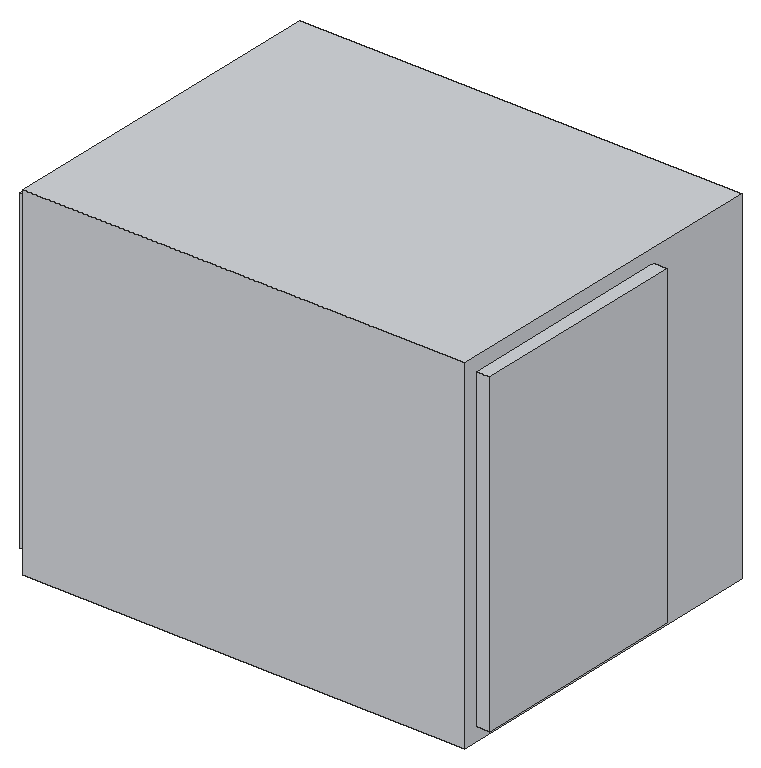
Revit family "cfd589d5b28e434ab131dbd20c349ea4", category Mechanical Equipment, Revit 2021
Family settings
  Round Connector Dimension = Use Diameter
  Part Type = Normal
  OmniClass Number = 23.75.35.14
  OmniClass Title = Air Handling Units
  Seek Item ID = AHU Filter - Panel - Angle-0000-USA-ENU
  Work Plane-Based = No
  Always vertical = Yes
  Cut with Voids When Loaded = No
  Shared = No
  Room Calculation Point = No
Parameters (values of type "For 3 Square Feet of Coil")
  Pressure Drop [instance] = 0.14 in-wg
  Filter Width = 2' - 1"
  Filter Material = none
  Filter Length = 2' - 8"
  Filter Height = 2' - 1"
  Duct Width = 32"
  Duct Height = 25"
  Default Elevation = 0' - 0"
  Air Velocity [instance] = 500 FPM
  Air Flow [instance] = Air Velocity * Duct Height * Duct Width  # 2777.78 CFM
Types (17): name | Pressure Drop | Filter Width | Filter Length | Filter Height | Duct Width | Duct Height | Air Flow
  (no name) | 0.14 in-wg | 2' - 1" | 2' - 8" | 2' - 1" | 32" | 25" | 2777.78 CFM
  For 3 Square Feet of Coil | 0.14 in-wg | 2' - 1" | 2' - 8" | 2' - 1" | 32" | 25" | 2777.78 CFM
  For 100 Square Feet of Coil | 0.16 in-wg | 2' - 6" | 12' - 8" | 10' - 0" | 152" | 120" | 63333.3 CFM
  For 6 Square Feet of Coil | 0.14 in-wg | 2' - 4" | 3' - 8" | 2' - 4" | 44" | 28" | 4277.78 CFM
  For 8 Square Feet of Coil | 0.24 in-wg | 2' - 8" | 4' - 0" | 2' - 8" | 48" | 32" | 5333.33 CFM
  For 10 Square Feet of Coil | 0.19 in-wg | 2' - 10" | 5' - 0" | 2' - 10" | 60" | 34" | 7083.33 CFM
  For 12 Square Feet of Coil | 0.15 in-wg | 2' - 10" | 5' - 4" | 3' - 2" | 64" | 38" | 8444.44 CFM
  For 14 Square Feet of Coil | 0.15 in-wg | 2' - 10" | 5' - 8" | 3' - 4" | 68" | 40" | 9444.44 CFM
  For 17 Square Feet of Coil | 0.16 in-wg | 2' - 10" | 6' - 2" | 3' - 8" | 74" | 44" | 11305.6 CFM
  For 21 Square Feet of Coil | 0.15 in-wg | 2' - 10" | 6' - 4" | 4' - 2" | 76" | 50" | 13194.4 CFM
  For 25 Square Feet of Coil | 0.16 in-wg | 3' - 4" | 6' - 6" | 4' - 8" | 78" | 56" | 15166.7 CFM
  For 30 Square Feet of Coil | 0.17 in-wg | 3' - 4" | 7' - 8" | 4' - 8" | 92" | 56" | 17888.9 CFM
  For 35 Square Feet of Coil | 0.16 in-wg | 4' - 0" | 8' - 0" | 5' - 2" | 96" | 62" | 20666.7 CFM
  For 40 Square Feet of Coil | 0.16 in-wg | 4' - 0" | 9' - 2" | 5' - 2" | 110" | 62" | 23680.6 CFM
  For 50 Square Feet of Coil | 0.16 in-wg | 4' - 0" | 10' - 0" | 6' - 2" | 120" | 74" | 30833.3 CFM
  For 66 Square Feet of Coil | 0.16 in-wg | 2' - 6" | 11' - 6" | 7' - 8" | 138" | 92" | 44083.3 CFM
  For 80 Square Feet of Coil | 0.16 in-wg | 2' - 6" | 11' - 6" | 9' - 2" | 138" | 110" | 52708.3 CFM
Reference planes (in)
  plane 1 "Center (Front/Back)": y = 0
  plane 2: z = 0
  plane 3 "Center (Left/Right)": x = 0
  plane 4: x = -16
  plane 5: x = 16
  plane 6: y = 25
  plane 7: z = 25
  plane 8: x = 17
  plane 9: x = -17
  plane 10: y = 17
  plane 11: z = 24
  plane 12: z = 1
  plane 13: y = 1
Forms (in)
  Extrusion 1, solid, material <- "Filter Material", detail levels medium+fine
    sketch origin (0, 0, 0) x (1, 0, 0) y (0, 1, 0)
      loop
        line (-16, 25) -> (-16, 0) -> (16, 0) -> (16, 25) -> (-16, 25)
    from 0 to 25
  Extrusion 2, solid, material <- "Filter Material", detail levels medium+fine
    sketch origin (0, 0, 0) x (0, 1, 0) y (0, 0, 1)
      loop
        line (17, 24) -> (1, 24) -> (1, 1) -> (17, 1) -> (17, 24)
    from -17 to -16
  Extrusion 3, solid, material <- "Filter Material", detail levels medium+fine
    sketch origin (0, 0, 0) x (0, 1, 0) y (0, 0, 1)
      loop
        line (17, 24) -> (1, 24) -> (1, 1) -> (17, 1) -> (17, 24)
    from 16 to 17
  Extrusion 4, solid, material <- "Filter Material", detail levels coarse
    sketch origin (0, 0, 0) x (1, 0, 0) y (0, 1, 0)
      loop
        line (-17, 25) -> (-17, 0) -> (17, 0) -> (17, 25) -> (-17, 25)
    from 0 to 25
Cuts and joins
  joined: Extrusion 1, Extrusion 2, Extrusion 3
Lines and regions (in)
  symbolic lines, detail levels coarse
    curve 1: line (-17, 25, 0) -> (-17, 0, 0)
    curve 2: line (-17, 25, 0) -> (17, 25, 0)
    curve 3: line (17, 25, 0) -> (17, 0, 0)
    curve 4: line (-17, 0, 0) -> (17, 0, 0)
  symbolic lines, detail levels medium+fine
    curve 5: line (-17, 17, 0) -> (-17, 1, 0)
    curve 6: line (-17, 17, 0) -> (-16, 17, 0)
    curve 7: line (-17, 1, 0) -> (-16, 1, 0)
    curve 8: line (-16, 25, 0) -> (16, 25, 0)
    curve 9: line (16, 25, 0) -> (16, 0, 0)
    curve 10: line (17, 17, 0) -> (17, 1, 0)
    curve 11: line (16, 17, 0) -> (17, 17, 0)
    curve 12: line (16, 1, 0) -> (17, 1, 0)
    curve 13: line (-16, 25, 0) -> (-16, 0, 0)
    curve 14: line (-16, 0, 0) -> (16, 0, 0)
Dimensions and locks (in)
  equal spacing: plane 4, plane 3 "Center (Left/Right)", plane 5
  "Filter Length": plane 4 to plane 5
  "Filter Width": plane 1 "Center (Front/Back)" to plane 6
  "Filter Height": plane 7 to plane 2
  locked: plane 5 to plane 8 at 1
  locked: plane 9 to plane 4 at 1
  locked: plane 12 to plane 2 at 1
  locked: plane 7 to plane 11 at 1
  locked: plane 6 to plane 10 at 8
  locked: plane 13 to plane 1 "Center (Front/Back)" at 1
  aligned and locked: plane 4 to Extrusion 1 sketch curve
  aligned and locked: Extrusion 1 sketch curve to plane 6
  aligned and locked: plane 1 "Center (Front/Back)" to Extrusion 1 sketch curve
  aligned and locked: Extrusion 1 sketch curve to plane 5
  aligned and locked: Extrusion 1 to plane 2
  aligned and locked: plane 7 to Extrusion 1
  aligned and locked: plane 10 to Extrusion 2 sketch curve
  aligned and locked: plane 11 to Extrusion 2 sketch curve
  aligned and locked: plane 12 to Extrusion 2 sketch curve
  aligned and locked: plane 13 to Extrusion 2 sketch curve
  aligned and locked: Extrusion 2 to plane 9
  aligned and locked: plane 4 to Extrusion 2
  aligned and locked: Extrusion 3 sketch curve to plane 11
  aligned and locked: plane 10 to Extrusion 3 sketch curve
  aligned and locked: plane 12 to Extrusion 3 sketch curve
  aligned and locked: Extrusion 3 sketch curve to plane 13
  aligned and locked: plane 8 to Extrusion 3
  aligned and locked: Extrusion 3 to plane 5
  aligned and locked: curve 3 to plane 8
  aligned and locked: plane 9 to curve 2
  aligned and locked: curve 2 to plane 6
  aligned and locked: plane 8 to curve 4
  aligned and locked: plane 9 to curve 4
  aligned and locked: plane 1 "Center (Front/Back)" to curve 4
  aligned and locked: plane 10 to curve 5
  aligned and locked: plane 13 to curve 5
  aligned and locked: curve 5 to plane 9
  aligned and locked: plane 5 to curve 8
  aligned and locked: curve 8 to plane 6
  aligned and locked: plane 10 to curve 10
  aligned and locked: plane 13 to curve 10
  aligned and locked: curve 10 to plane 8
  aligned and locked: plane 10 to curve 11
  aligned and locked: plane 5 to curve 12
  aligned and locked: plane 13 to curve 12
  aligned and locked: plane 6 to curve 13
  aligned and locked: plane 1 "Center (Front/Back)" to curve 13
  aligned and locked: curve 13 to plane 4
  aligned and locked: plane 4 to curve 14
  aligned and locked: plane 5 to curve 14
  aligned and locked: plane 1 "Center (Front/Back)" to curve 14
  aligned and locked: Extrusion 4 sketch curve to curve 1
  aligned and locked: Extrusion 4 sketch curve to curve 2
  aligned and locked: curve 4 to Extrusion 4 sketch curve
  aligned and locked: Extrusion 4 sketch curve to curve 3
  aligned and locked: plane 7 to Extrusion 4
  aligned and locked: Extrusion 4 to level
Automatic sketch dimensions
  curve 8 to plane 4 = 0' - 0"
Connectors (in)
  hvac at (0, 0, 12.5), driven by "Duct Height", driven by "Duct Width", driven by "Air Flow"
    settings: on Extrusion 1, index 1, duct flow 2777.78 CFM, flow factor 0, pres drop 0.00 in-wg, loss coef 0, conn angle 0.00°, conn width 32", conn height 25", conn diameter 24", duct sys type 1, conn prof type 1, flow config 0, flow direction 0, loss method 0, conn ref index 2, conn util no, is conn primary yes, conn desc ""
  hvac at (0, 25, 12.5), driven by "Pressure Drop", driven by "Duct Height", driven by "Duct Width", driven by "Air Flow"
    settings: on Extrusion 1, index 2, duct flow 2777.78 CFM, flow factor 0, pres drop 0.14 in-wg, loss coef 0, conn angle 0.00°, conn width 32", conn height 25", conn diameter 24", duct sys type 1, conn prof type 1, flow config 0, flow direction 0, loss method 4, conn ref index 1, conn util no, is conn primary no, conn desc ""
